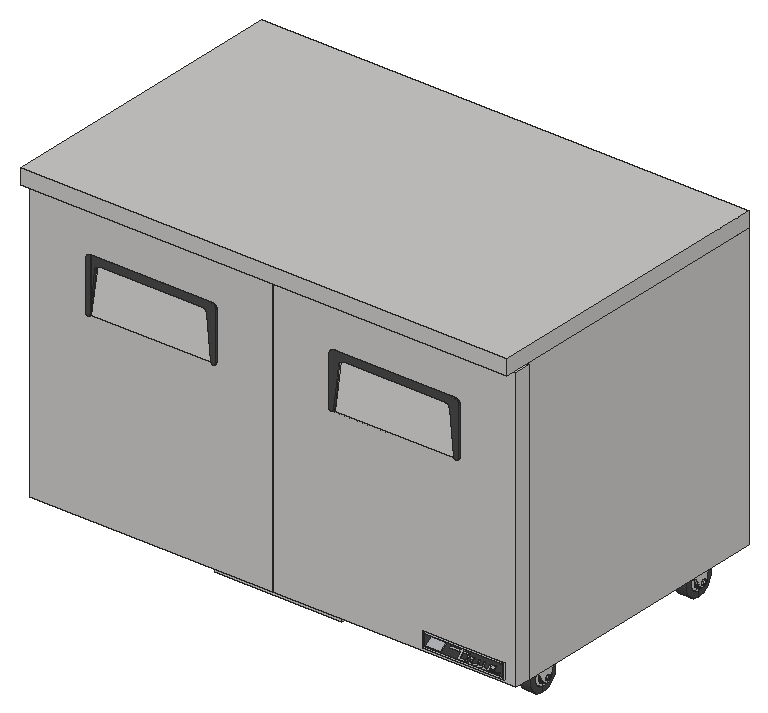
Revit family "QF_TRUE_TUC-48-ADA-HC_cat", category Specialty Equipment, Revit 2016 (continued)
Definition of nested family "Caster-Legs"
  Definition of nested family "C4"
    Parameters (values of type "C4")
      NAFEM Spec ID Number = ""
      Model = ""
      MasterSpec. = ""
      Manufacturer = ""
      Item Number [instance] = ""
      Installed By [instance] = ""
      Identify Quantity as Lot [instance] = yes
      Furnished By [instance] = ""
      Foodservice Equipment Identifier [instance] = yes
      Description = ""
      CSI MasterFormat = ""
      CSI Master Format = ""
      Assembly Code = ""
    Reference planes (in)
      plane 1: z = 0
      plane 2 "RIGHT": x = 0
      plane 3 "FRONT": y = 0
      plane 4 "TOP": z = 3.9375
    Forms (in)
      Revolve 1, solid, visible <- "Show 4 Inches Casters"
        sketch origin (-1.93794, 0.83816, -1.0041) x (1, 0, 0) y (0, 0, 1)
          loop
            line (0.74055, 2.5041) -> (3.15007, 2.5041) -> (3.15007, 2.5796) -> (3.10007, 2.6296) -> (3.04007, 2.6296) -> (3.04007, 2.74967) -> (2.62438, 2.74967) -> (2.62438, 2.93884) -> (2.48438, 3.01967) -> (2.45908, 3.17597) -> (2.51563, 3.17597) -> (2.51563, 3.41035) -> (2.48438, 3.41035) -> (2.48438, 4.0041) -> (1.375, 4.0041) -> (1.375, 3.41035) -> (1.34375, 3.41035) -> (1.34375, 3.17597) -> (1.4003, 3.17597) -> (1.37557, 3.02318) -> (1.235, 2.94202) -> (1.235, 2.74967) -> (0.85055, 2.74967) -> (0.85055, 2.6296) -> (0.79055, 2.6296) -> (0.74055, 2.5796) -> (0.74055, 2.5041)
          axis (0.74055, 2.5041) -> (3.15007, 2.5041)
        angle from 0 to 360
      Extrusion 2, solid, visible <- "Show 4 Inches Casters"
        sketch origin (-1.93794, 1.80294, -1.7541) x (0, 1, 0) y (0, 0, 1)
          loop
            line (-3.08794, 5.33423) -> (-3.08794, 5.00584) -> (-2.69466, 5.00584)
            arc (-2.69466, 5.00584) -> (-1.57175, 4.94895) -> (-0.46376, 4.75787) r 9.36411
            arc (-0.46376, 4.75787) -> (-0.05889, 4.58436) -> (0.28335, 4.30705) r 1.60049
            line (0.28335, 4.30705) -> (0.34449, 4.39437)
            arc (0.34449, 4.39437) -> (0.12713, 4.6163) -> (-0.1239, 4.79931) r 1.8753
            line (-0.1239, 4.79931) -> (-0.05749, 4.91421)
            arc (-0.05749, 4.91421) -> (-0.33807, 5.05694) -> (-0.64294, 5.13542) r 1.44292
            line (-0.64294, 5.13542) -> (-0.64294, 5.33423) -> (-3.08794, 5.33423)
        from 1.1267 to 2.74918
      Revolve 3, solid, visible <- "Show 4 Inches Casters"
        sketch origin (0, 2.15543, -2.25) x (0, 1, 0) y (0, 0, 1)
          loop
            line (-2.21793, 6.1875) -> (-2.21793, 5.83014) -> (-1.05793, 5.83014) -> (-1.05793, 6.1875) -> (-2.21793, 6.1875)
          axis (-2.21793, 5.83014) -> (-2.21793, 6.1875)
        angle from 0 to 360
      Extrusion 4, solid, visible <- "Show 4 Inches Casters"
        sketch origin (-1.93794, 1.80294, -1.7541) x (0, 1, 0) y (0, 0, 1)
          loop
            line (-3.08794, 5.33423) -> (-3.08794, 5.00584) -> (-2.8913, 5.00584)
            arc (-2.8913, 5.00584) -> (-2.09118, 4.14057) -> (-1.45681, 3.14736) r 6.63355
            arc (-1.45681, 3.14736) -> (-0.85703, 2.75969) -> (-0.4561, 3.35069) r 0.5107
            arc (-0.4561, 3.35069) -> (-0.27092, 3.92503) -> (0.24034, 4.24562) r 0.88136
            line (0.24034, 4.24562) -> (0.34449, 4.39437)
            arc (0.34449, 4.39437) -> (0.12713, 4.6163) -> (-0.1239, 4.79931) r 1.8753
            line (-0.1239, 4.79931) -> (-0.05749, 4.91421)
            arc (-0.05749, 4.91421) -> (-0.33807, 5.05694) -> (-0.64294, 5.13542) r 1.44292
            line (-0.64294, 5.13542) -> (-0.64294, 5.33423) -> (-3.08794, 5.33423)
        from 2.74918 to 2.90825
      Extrusion 5, solid, visible <- "Show 4 Inches Casters"
        sketch origin (1.93794, 1.80294, -1.7541) x (0, 1, 0) y (0, 0, -1)
          loop
            line (-3.08794, -5.33423) -> (-0.64294, -5.33423) -> (-0.64294, -5.13542)
            arc (-0.64294, -5.13542) -> (-0.33807, -5.05694) -> (-0.05749, -4.91421) r 1.44292
            line (-0.05749, -4.91421) -> (-0.1239, -4.79931)
            arc (-0.1239, -4.79931) -> (0.12713, -4.6163) -> (0.34449, -4.39437) r 1.8753
            line (0.34449, -4.39437) -> (0.24034, -4.24562)
            arc (0.24034, -4.24562) -> (-0.27092, -3.92503) -> (-0.4561, -3.35069) r 0.88136
            arc (-0.4561, -3.35069) -> (-0.85703, -2.75969) -> (-1.45681, -3.14736) r 0.5107
            arc (-1.45681, -3.14736) -> (-2.09118, -4.14057) -> (-2.8913, -5.00584) r 6.63355
            line (-2.8913, -5.00584) -> (-3.08794, -5.00584) -> (-3.08794, -5.33423)
        from 2.74918 to 2.90825
    Cuts and joins
      joined: Extrusion 2, Extrusion 4, Extrusion 5
    Lines and regions (in)
      symbolic lines, visible <- "Show 4 Inches Casters"
        curve 1: line (0.28481, 1.83041, 0) -> (1.24556, 1.27572, 0)
        curve 2: line (-1.26206, -0.84886, 0) -> (0.28481, 1.83041, 0)
        curve 3: line (-0.30132, -1.40355, 0) -> (-1.26206, -0.84886, 0)
        curve 4: line (1.24556, 1.27572, 0) -> (-0.30132, -1.40355, 0)
    Dimensions and locks (in)
      plane 4 "TOP" to level = 3 15/16"  (x2)
      aligned and locked: level to plane 1
  Definition of nested family "6 Inches Leg & Caster"
    Parameters
      Weight = ""
      URL Manufacturer = ""
      URL Cutsheet = ""
      URL = ""
      Type Mark [instance] = ""
      Status [instance] = ""
      Specification by User [instance] = ""
      Specification by Manufacturer = ""
      Show Casters [instance] = yes
      Serial Number = ""
      Seismic Rating = ""
      SMACNA No = ""
      Revision Code [instance] = ""
      Omniclass Number and Title = ""
      NAFEM Spec ID Number = ""
      Model = ""
      MasterSpec. = ""
      Manufacturer = ""
      Item Number [instance] = ""
      Installed By [instance] = ""
      Identify Quantity as Lot [instance] = yes
      Furnished By [instance] = ""
      Foodservice Equipment Identifier [instance] = yes
      Description = ""
      CSI MasterFormat = ""
      CSI Master Format = ""
    Reference planes (in)
      plane 1 "BACK": y = 0
      plane 2: z = 0
      plane 3 "LEFT": x = 0
      plane 4 "RIGHT": x = 0
      plane 5 "FRONT": y = 0
      plane 6 "TOP": z = 6.25
    Forms (in)
      Revolve 1, solid, visible <- "Show Casters"
        sketch origin (-2.21793, 0, -0.25) x (-1, 0, 0) y (0, 0, 1)
          loop
            line (-2.21793, 6) -> (-2.21793, 5.55584) -> (-0.93693, 5.55584) -> (-0.93693, 6) -> (-2.21793, 6)
          axis (-2.21793, 5.55584) -> (-2.21793, 6)
        angle from 0 to 360
      Extrusion 2, solid, visible <- "Show Casters"
        sketch origin (0.25594, 2.21793, -0.1875) x (0, 1, 0) y (0, 0, 1)
          loop
            line (-3.37793, 5.49334) -> (-3.37793, 5.24334) -> (-1.63015, 2.08504)
            arc (-1.63015, 2.08504) -> (-0.63555, 1.74359) -> (-0.1951, 2.69848) r 0.78437
            line (-0.1951, 2.69848) -> (-1.06726, 5.49334) -> (-3.37793, 5.49334)
        from 0.78968 to 0.90247
      Extrusion 3, solid, visible <- "Show Casters"
        sketch origin (0, 0, 5.75) x (0, 1, 0) y (-1, 0, 0)
          loop
            circle (0, 0) r 0.75
        from 0 to 0.5
      Extrusion 4, solid, visible <- "Show Casters"
        sketch origin (-0.25594, 2.21793, -0.1875) x (0, 1, 0) y (0, 0, -1)
          loop
            line (-3.37793, -5.49334) -> (-1.06726, -5.49334) -> (-0.1951, -2.69848)
            arc (-0.1951, -2.69848) -> (-0.63555, -1.74359) -> (-1.63015, -2.08504) r 0.78437
            line (-1.63015, -2.08504) -> (-3.37793, -5.24334) -> (-3.37793, -5.49334)
        from 0.78968 to 0.90247
      Extrusion 5, solid, visible <- "Show Casters"
        sketch origin (0, 0, 0.75) x (0, 1, 0) y (0, 0, 1)
          loop
            line (-1.16, 4.55584) -> (-1.16, 4.30584) -> (1.15067, 4.30584) -> (1.15067, 4.55584) -> (-1.16, 4.55584)
        from -1.04562 to 1.04562
      Revolve 6, solid, visible <- "Show Casters"
        sketch origin (-1.9375, 1.23015, -0.12802) x (1, 0, 0) y (0, 0, 1)
          loop
            line (0.5843, 2.5041) -> (0.5843, 2.3661) -> (0.6343, 2.3161) -> (0.6943, 2.3161) -> (0.6943, 2.1804) -> (1.1725, 2.1804) -> (1.1725, 1.78493) -> (1.31307, 1.70377) -> (1.42647, 1.00302) -> (1.28125, 1.00302) -> (1.28125, 0.75302) -> (1.3125, 0.75302) -> (1.3125, 0.50302)
            arc (1.3125, 0.50302) -> (1.42233, 0.23785) -> (1.6875, 0.12802) r 0.375
            line (1.6875, 0.12802) -> (2.1875, 0.12802)
            arc (2.1875, 0.12802) -> (2.45267, 0.23785) -> (2.5625, 0.50302) r 0.375
            line (2.5625, 0.50302) -> (2.5625, 0.75302) -> (2.59375, 0.75302) -> (2.59375, 1.00302) -> (2.44853, 1.00302) -> (2.5625, 1.70728) -> (2.7025, 1.78811) -> (2.7025, 2.1804) -> (3.1807, 2.1804) -> (3.1807, 2.3161) -> (3.2407, 2.3161) -> (3.2907, 2.3661) -> (3.2907, 2.5041) -> (0.5843, 2.5041)
          axis (0.5843, 2.5041) -> (3.2907, 2.5041)
        angle from 0 to 360
    Cuts and joins
      joined: Extrusion 2, Extrusion 4, Extrusion 5
    Lines and regions (in)
      symbolic lines, visible <- "Show Casters"
        curve 1: line (0.46086, 2.04455, 0) -> (1.54339, 1.41955, 0)
        curve 2: line (-1.53914, -1.41955, 0) -> (0.46086, 2.04455, 0)
        curve 3: line (-0.45661, -2.04455, 0) -> (-1.53914, -1.41955, 0)
        curve 4: line (1.54339, 1.41955, 0) -> (-0.45661, -2.04455, 0)
    Dimensions and locks (in)
      plane 6 "TOP" to level = 6 1/4"  (x2)
      aligned and locked: level to plane 2
